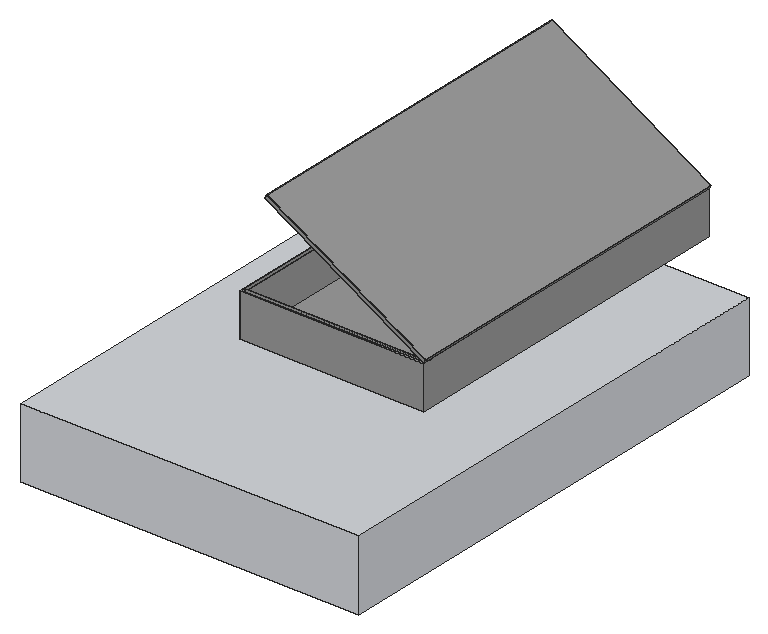
Revit family "Hager-Univers-IP44-D205-H1550-Cl.II-Encl-CH-fr", category Equipement électrique, Revit 2020
Family settings
  Hôte = Face
  Configuration du panneau = Deux colonnes, circuits au sein
  Cote de connecteur circulaire = Utiliser le diamètre
  Type d'élément = Tableau de raccordement
  Couper avec des vides une fois chargée = Non
  Partagée = Non
  Point de calcul de pièce = Non
Parameters (values of type "saillie IP44 L800 H1550 P205  - FP03SN2")
  Width Control [instance] = if([EF000008 - largeur] > Min Width, [EF000008 - largeur], Min Width)  # 800 mm
  Commentaires du type = [HG000003 - Gamme]  # "Univers"
  Thickness Door [instance] = if([EF009171 - épaisseur de matériau de la porte/du couvercle] > 3 mm, 3 mm, [EF009171 - épaisseur de matériau de la porte/du couvercle])  # 1 mm
  Seal Frame Offset [instance] = 17 mm  # constant formula
  Plinth Visibility [instance] = [HG000027 - Hauteur du socle] > 0 mm  # no
  Model = ""
  Min Width [instance] = 100 mm  # constant formula
  Min Height [instance] = 100 mm  # constant formula
  Min Depth [instance] = (2 * [EF009170 - épaisseur de matériau du boîtier]) + 1 mm  # 3 mm
  Internal Frame Depth [instance] = (Door System Depth * 0.5)  # 9 mm
  Height Control [instance] = if([EF000040 - hauteur] > Min Height, [EF000040 - hauteur], Min Height)  # 1550 mm
  HG000027 - Hauteur du socle = 0 mm
  HG000026 - Installation au sol = no
  HG000024 - Hauteur de la section basse = 800 mm
  HG000023 - Armoire double section = no
  HG000016 - Visibilité de la porte 3D [instance] = yes
  HG000015 - Visibilité de l'emprise de la porte [instance] = no
  HG000014 - Porte à droite [instance] = yes
  HG000013 - Porte à gauche [instance] = not([HG000014 - Porte à droite])  # no
  HG000012 - Angle de pivotement de la porte [instance] = 30.00°
  HG000010 - Portes asymétriques = no
  HG000009 - Porte à double battant = no
  HG000006 - Encastré = no
  HG000004 - Référence fabricant = "FP03SN2"
  HG000003 - Gamme = "Univers"
  HG000002 - avec porte = yes
  Frame Offset Bottom [instance] = 10 mm  # constant formula
  Frame Offset [instance] = 15 mm  # constant formula
  EF015940 - couvercle avec décharge de pression = no
  EF011959 - degré de protection (NEMA) = ""
  EF009554 - nombre d'ouvertures pour plaques à bride = 6
  Fabricant = "Hager"  # constant formula
  EF009212 - finition du couvercle = "EV000116 - fermé"
  EF009171 - épaisseur de matériau de la porte/du couvercle = 1 mm
  EF009170 - épaisseur de matériau du boîtier = 1 mm
  EF008873 - courant nominal (In) = 250 A
  EF007800 - adapté à un parafoudre = no
  EF006306 - avec serrure = no
  EF006244 - couvercle/porte transparent(e) = no
  EF005474 - indice de protection (IP) = "EV006418 - IP44"
  EF004464 - type de porte = "EV002646 - unique"
  EF004427 - nombre de modules = 360
  EF004293 - indice de protection contre les chocs (IK) = "EV006815 - IK09"
  EF003532 - convient pour utilisation à l’extérieur = no
  EF002950 - largeur en nombre de modules = 36
  EF001613 - maintien de fonction = "EV000494 - sans"
  EF001596 - matériau du boîtier/corps = "EV000179 - acier"
  EF001131 - profondeur intérieure = 143 mm
  EF001088 - possibilité de montage en saillie = yes
  EF000437 - nombre d'entrées de conduit = 6
  EF000339 - type de capot = "EV001012 - couvercle"
  EF000266 - nombre de rangées = 10
  EF000218 - profondeur d'encastrement = 205 mm
  EF000118 - avec cadre/support de montage = no
  EF000116 - numéro RAL = "9010"
  EF000049 - profondeur = 205 mm
  EF000040 - hauteur = 1550 mm
  EF000008 - largeur = 800 mm
  EF000007 - couleur = "EV000202 - blanc"
  EF000003 - mode de pose = "EV000384 - saillie"
  Door System Leaf Tolerance [instance] = 1.5 mm  # constant formula
  Door System Depth [instance] = 18 mm  # constant formula
  Door Height [instance] = Height Control - [HG000027 - Hauteur du socle]  # 1550 mm
  Depth Control [instance] = if([EF000049 - profondeur] > Min Depth, [EF000049 - profondeur], Min Depth)  # 205 mm
  Default Elevation = 0 mm
  Connector Offset [instance] = Height Control / 2  # 775 mm
  Bottom Top Plate Trim [instance] = 1.5 mm  # constant formula
  Plinth height Ctrl [instance] = if([HG000027 - Hauteur du socle] > 0 mm, [HG000027 - Hauteur du socle], 12 mm)  # 12 mm
Types (5, lengths in mm): name | Width Control | HG000009 - Porte à double battant | HG000004 - Référence fabricant | EF009554 - nombre d'ouvertures pour plaques à bride | EF008873 - courant nominal (In) | EF004464 - type de porte | EF004427 - nombre de modules | EF002950 - largeur en nombre de modules | EF001131 - profondeur intérieure | EF000437 - nombre d'entrées de conduit | EF000008 - largeur
  saillie IP44 L1050 H1550 P205  - FP04SN2 | 1050 | yes | "FP04SN2" | 8 | 400 A | "EV003602 - double" | 480 | 48 | 143 | 8 | 1050
  saillie IP44 L1300 H1550 P205  - FP05SN2 | 1300 | yes | "FP05SN2" | 10 | 400 A | "EV003602 - double" | 600 | 60 | 143 | 10 | 1300
  saillie IP44 L300 H1550 P205  - FP01SN2 | 300 | no | "FP01SN2" | 2 | 250 A | "EV002646 - unique" | 120 | 12 | 130 | 2 | 300
  saillie IP44 L550 H1550 P205  - FP02SN2 | 550 | no | "FP02SN2" | 4 | 250 A | "EV002646 - unique" | 240 | 24 | 143 | 4 | 550
  saillie IP44 L800 H1550 P205  - FP03SN2 | 800 | no | "FP03SN2" | 6 | 250 A | "EV002646 - unique" | 360 | 36 | 143 | 6 | 800
Reference planes
  plane 1 "Center (Front/Back)": y = 0
  plane 2: z = 0
  plane 3 "Center (Left/Right)": x = 0
  plane 4: z = 205
  plane 5: y = 1
  plane 6: y = 775
  plane 7: y = 0
  plane 8: y = 1550
  plane 9: z = 0
  plane 10: x = -385
  plane 11: x = 385
  plane 12: x = 384
  plane 13: x = -384
  plane 14: y = 1549
  plane 15: x = -383
  plane 16: x = -400
  plane 17: x = 383
  plane 18: x = 400
  plane 19: x = 399
  plane 20: x = -399
  plane 21: y = 11
  plane 22: y = 1550
  plane 23: y = 1534
  plane 24: z = 187
  plane 25: z = 1
  plane 26: z = 186
  plane 27: z = 204
Forms (mm)
  Extrusion 1, solid
    sketch origin (0, 0, 0) x (1, 0, 0) y (0, 1, 0)
      loop
        line (-702.964, 1305) -> (-702.964, -811.445) -> (766.763, -811.445) -> (766.763, 1305) -> (-702.964, 1305)
    from 0 to -304.8
  Extrusion 2, solid, material "Hager_Steel_RAL7035_Light_Grey", visible <- "Plinth Visibility", detail levels medium+fine
    sketch origin (0, 0, 0) x (1, 0, 0) y (0, 1, 0)
      loop
        line (-400, 0) -> (400, 0) -> (400, 12) -> (-400, 12) -> (-400, 0)
    from 0 to 187
  Extrusion 3, solid, material "Hager_Steel_RAL7035_Light_Grey", detail levels medium+fine
    sketch origin (0, 0, 0) x (1, 0, 0) y (0, 1, 0)
      loop
        line (-400, 0) -> (400, 0) -> (400, 1550) -> (-400, 1550) -> (-400, 0)
    from 0 to 187
  Extrusion 4, void
    sketch origin (0, 0, 0) x (1, 0, 0) y (0, 1, 0)
      loop
        line (-399, 1) -> (399, 1) -> (399, 1549) -> (-399, 1549) -> (-399, 1)
    from 1 to 186
  Extrusion 5, void
    sketch origin (-381.607, -4572, 187) x (0, -1, 0) y (-1, 0, 0)
      loop
        line (-4583, 2.393) -> (-6106, 2.393) -> (-6106, -765.607) -> (-4583, -765.607) -> (-4583, 2.393)
    from 0 to 1 <- "EF009170 - épaisseur de matériau du boîtier"
  Extrusion 6, solid, material "Hager_Steel_RAL7035_Light_Grey", detail levels fine
    sketch origin (0, 0, 187) x (1, 0, 0) y (0, 1, 0)
      loop
        line (-384, 1534) -> (-384, 11) -> (384, 11) -> (384, 1534) -> (-384, 1534)
      loop
        line (-385, 10) -> (385, 10) -> (385, 1535) -> (-385, 1535) -> (-385, 10)
    from 0 to 9 <- "Internal Frame Depth"
  Extrusion 7, solid, material "Hager_Steel_RAL7035_Light_Grey", detail levels coarse
    sketch origin (0, 0, 0) x (1, 0, 0) y (0, 1, 0)
      loop
        line (-400, 0) -> (400, 0) -> (400, 1550) -> (-400, 1550) -> (-400, 0)
    from 0 to 205
  Sweep 8, void
    path in 3D
      loop
        line (-400, 12, 0) -> (400, 12, 0) -> (400, 12, 187) -> (-400, 12, 187) -> (-400, 12, 0)
    profile origin (-400, 12, 93.5) x (-1, 0, 0) y (0, -1, 0)
      loop
        line (0, 0) -> (0, 1.5) -> (-1.5, 1.5)
        arc (-1.5, 1.5) -> (-1.061, 0.439) -> (0, 0) r 1.5
Cuts and joins
  Extrusion 4, Extrusion 5 cuts Extrusion 3
  Sweep 8 cuts Extrusion 2
Lines and regions (mm)
  Masking region 1
    outline origin (0, 0, 0) x (1, 0, 0) y (0, 0, 1)
      loop
        line (-400, 205) -> (-400, 0) -> (400, 0) -> (400, 205) -> (-400, 205)
  Masking region 2, detail levels medium+fine
    outline origin (0, 140, 0) x (0, 1, 0) y (0, 0, 1)
      loop
        line (-140, 0) -> (1410, 0) -> (1410, 187) -> (-140, 187) -> (-140, 0)
  Masking region 3, not visible, detail levels medium+fine
    outline origin (0, 297.922, 0) x (0, 1, 0) y (0, 0, 1)
      loop
        line (488.578, 0) -> (528.578, 0) -> (528.578, 194)
        arc (528.578, 194) -> (525.649, 201.071) -> (518.578, 204) r 10
        line (518.578, 204) -> (488.578, 204) -> (488.578, 0)
  Masking region 4, detail levels coarse
    outline origin (0, 0, 180) x (0, 1, 0) y (0, 0, 1)
      loop
        line (0, -180) -> (1550, -180) -> (1550, 25) -> (0, 25) -> (0, -180)
  Masking region 5, visible <- "Plinth Visibility", detail levels medium+fine
    outline origin (0, 52.24, 12.345) x (0, 0, -1) y (0, 1, 0)
      loop
        line (10.845, -40.24) -> (-173.155, -40.24)
        arc (-173.155, -40.24) -> (-173.594, -41.301) -> (-174.655, -41.74) r 1.5
        line (-174.655, -41.74) -> (-174.655, -52.24) -> (12.345, -52.24) -> (12.345, -41.74)
        arc (12.345, -41.74) -> (11.285, -41.301) -> (10.845, -40.24) r 1.5
  Masking region 6, detail levels medium+fine
    outline origin (-381.607, -4572, 187) x (-1, 0, 0) y (0, -1, 0)
      loop
        line (18.393, -6122) -> (18.393, -4572) -> (-781.607, -4572) -> (-781.607, -6122) -> (18.393, -6122)
  Masking region 7, visible <- "Plinth Visibility", detail levels medium+fine
    outline origin (-381.607, -4727, 187) x (-1, 0, 0) y (0, -1, 0)
      loop
        arc (16.893, -4739) -> (17.332, -4737.939) -> (18.393, -4737.5) r 1.5
        line (18.393, -4737.5) -> (18.393, -4727) -> (-781.607, -4727) -> (-781.607, -4737.5)
        arc (-781.607, -4737.5) -> (-780.546, -4737.939) -> (-780.107, -4739) r 1.5
        line (-780.107, -4739) -> (16.893, -4739)
  Masking region 8, detail levels coarse
    outline origin (-442.548, -4669.526, 187) x (-1, 0, 0) y (0, -1, 0)
      loop
        line (-42.548, -6219.526) -> (-42.548, -4669.526) -> (-842.548, -4669.526) -> (-842.548, -6219.526) -> (-42.548, -6219.526)
  sketch lines
    curve 1: line (-400, 12, 187) -> (-400, 12, 0)
    curve 2: line (400, 12, 187) -> (-400, 12, 187)
    curve 3: line (400, 12, 187) -> (400, 12, 0)
    curve 4: line (-400, 12, 0) -> (400, 12, 0)
Dimensions and locks
  "Depth Control": plane 4 to Extrusion 1
  "HG000027 - Hauteur du socle": plane 1 "Center (Front/Back)" to plane 7
  "EF009170 - épaisseur de matériau du boîtier": plane 5 to plane 7
  locked: connector elem to plane 3 "Center (Left/Right)"
  equal spacing: plane 8, plane 6, plane 7
  locked: connector elem to plane 6
  "EF009170 - épaisseur de matériau du boîtier": plane 8 to plane 14
  "EF009170 - épaisseur de matériau du boîtier": plane 10 to plane 13
  "EF009170 - épaisseur de matériau du boîtier": plane 12 to plane 11
  "Frame Offset": plane 20 to plane 13
  "Frame Offset": plane 12 to plane 19
  "EF009170 - épaisseur de matériau du boîtier": plane 16 to plane 20
  "EF009170 - épaisseur de matériau du boîtier": plane 19 to plane 18
  "Seal Frame Offset": plane 16 to plane 15
  "Seal Frame Offset": plane 17 to plane 18
  "Frame Offset Bottom": plane 21 to plane 5
  "Frame Offset": plane 14 to plane 23
  equal spacing: plane 16, plane 3 "Center (Left/Right)", plane 18
  "Width Control": plane 16 to plane 18
  "EF009170 - épaisseur de matériau du boîtier": plane 4 to plane 27
  "EF009170 - épaisseur de matériau du boîtier": plane 24 to plane 26
  "EF009170 - épaisseur de matériau du boîtier": plane 25 to level
  "Door System Depth": plane 4 to plane 24
  "Height Control": plane 1 "Center (Front/Back)" to Extrusion 7 sketch curve
  "Height Control": Masking region 4 sketch curve to plane 1 "Center (Front/Back)"
  "Height Control": plane 1 "Center (Front/Back)" to plane 22
  "Bottom Top Plate Trim": profile plane to Sweep 8 sketch curve
  "Bottom Top Plate Trim": Sweep 8 sketch curve to profile plane
  "Plinth height Ctrl": plane 1 "Center (Front/Back)" to Extrusion 2 sketch curve
  "Plinth height Ctrl": Masking region 5 sketch curve to plane 1 "Center (Front/Back)"
  "Plinth height Ctrl": plane 1 "Center (Front/Back)" to Masking region 7 sketch curve
  "Thickness Door": Extrusion 6 sketch curve to Extrusion 6 sketch curve  (x3)
  "Thickness Door": cut or joined group of Extrusion 3, Extrusion 4, Extrusion 5 to Extrusion 6 sketch curve
  radius of Masking region 3 sketch curve = 10 mm
  "Bottom Top Plate Trim": radius of Masking region 5 sketch curve  (x2)
  "Bottom Top Plate Trim": radius of Sweep 8 sketch curve
  "Bottom Top Plate Trim": radius of Masking region 7 sketch curve  (x2)
  aligned and locked: plane 2 to Extrusion 1
  aligned and locked: level to Extrusion 1
  aligned and locked: level to Masking region 1 sketch curve
  aligned and locked: Masking region 1 sketch curve to plane 18
  aligned and locked: Masking region 1 sketch curve to plane 16
  aligned and locked: plane 7 to Masking region 2 sketch curve
  aligned and locked: level to Masking region 3 sketch curve
  aligned and locked: Masking region 3 sketch curve to plane 27
  aligned and locked: level to Masking region 2 sketch curve
  aligned and locked: plane 1 "Center (Front/Back)" to Extrusion 2 sketch curve
  aligned and locked: Extrusion 3 sketch curve to plane 7
  aligned and locked: plane 16 to Extrusion 3 sketch curve
  aligned and locked: plane 18 to Extrusion 3 sketch curve
  aligned and locked: plane 20 to Extrusion 4 sketch curve
  aligned and locked: plane 19 to Extrusion 4 sketch curve
  aligned and locked: Extrusion 4 sketch curve to plane 5
  aligned and locked: Extrusion 4 to plane 25
  aligned and locked: plane 26 to Extrusion 4
  aligned and locked: plane 24 to Extrusion 3
  aligned and locked: Extrusion 5 sketch curve to plane 21
  aligned and locked: Extrusion 5 sketch curve to plane 13
  aligned and locked: Extrusion 5 sketch curve to plane 12
  aligned and locked: plane 18 to Extrusion 7 sketch curve
  aligned and locked: plane 1 "Center (Front/Back)" to Extrusion 7 sketch curve
  aligned and locked: plane 16 to Extrusion 7 sketch curve
  aligned and locked: plane 4 to Extrusion 7
  aligned and locked: Extrusion 7 to level
  aligned and locked: level to Masking region 4 sketch curve
  aligned and locked: Masking region 4 sketch curve to plane 1 "Center (Front/Back)"
  aligned and locked: Masking region 4 sketch curve to plane 4
  aligned and locked: nested 1 to level
  aligned and locked: nested 1 to plane 16
  aligned and locked: plane 8 to Extrusion 3 sketch curve
  aligned and locked: plane 23 to Extrusion 5 sketch curve
  aligned and locked: plane 14 to Extrusion 4 sketch curve
  aligned and locked: Masking region 2 sketch curve to plane 8
  aligned and locked: level to Masking region 5 sketch curve
  aligned and locked: plane 16 to Extrusion 2 sketch curve
  aligned and locked: plane 18 to Extrusion 2 sketch curve
  aligned and locked: Masking region 5 sketch curve to plane 24
  aligned and locked: Masking region 2 sketch curve to plane 24
  aligned and locked: plane 24 to Extrusion 2
  aligned and locked: profile plane to Sweep 8 sketch curve  (x2)
  aligned and locked: Masking region 6 sketch curve to plane 18
  aligned and locked: Masking region 6 sketch curve to plane 22
  aligned and locked: Masking region 6 sketch curve to plane 16
  aligned and locked: plane 8 to plane 22
  aligned and locked: Masking region 6 sketch curve to plane 7
  aligned and locked: Masking region 7 sketch curve to plane 16
  aligned and locked: Masking region 7 sketch curve to plane 1 "Center (Front/Back)"
  aligned and locked: Masking region 7 sketch curve to plane 18
  aligned and locked: Masking region 8 sketch curve to plane 1 "Center (Front/Back)"
  aligned and locked: Masking region 8 sketch curve to plane 18
  aligned and locked: Masking region 8 sketch curve to plane 22
  aligned and locked: Masking region 8 sketch curve to plane 16
  aligned and locked: nested 2 to plane 7
  aligned and locked: plane 3 "Center (Left/Right)" to nested 2
  aligned and locked: nested 2 to plane 24
  aligned and locked: Extrusion 6 sketch curve to cut or joined group of Extrusion 3, Extrusion 4, Extrusion 5  (x4)
Automatic sketch dimensions
  Extrusion 1 sketch curve to Extrusion 1 sketch curve = 1469.727 mm
  Extrusion 1 sketch curve to Extrusion 1 sketch curve = 2116.445 mm
  Masking region 1 sketch curve to plane 4 = 0 mm
  plane 6 to Masking region 3 sketch curve = 11.5 mm
  Masking region 3 sketch curve to Masking region 3 sketch curve = 30 mm
  Masking region 5 sketch curve to plane 1 "Center (Front/Back)" = 0 mm
Nested families
  nested 1: "Hager_Enclosure_Symbol" at (-400, 0, 0) x (1, 0, 0) z (0, -1, 0), Height <- "Depth Control", Width <- "Width Control", type "Hager_Enclosure_Symbol"
    with Width_Ctrl 800 mm, Width 800 mm, Height_Ctrl 205 mm, Height 205 mm, A_Width_Int 13.453 mm, A_Width 161.438 mm, A_Height_Ctrl 179.375 mm, A_Height 179.375 mm
  nested 2: "EC000058_Univers_Door" at (0, 0, 187) x (1, 0, 0) z (0, 1, 0), Leaf_Tolerance <- "Door System Leaf Tolerance", Angle <- "HG000012 - Angle de pivotement de la porte", Door_Depth <- "Door System Depth", Door_Left <- "HG000013 - Porte à gauche", Transparent <- "EF006244 - couvercle/porte transparent(e)", Assymetrical <- "HG000010 - Portes asymétriques", Width <- "Width Control", Clearance <- "HG000015 - Visibilité de l'emprise de la porte", Double <- "HG000009 - Porte à double battant", 3d_Door <- "HG000016 - Visibilité de la porte 3D", Lock_Visibility <- "EF006306 - avec serrure", Width_Ctrl <- "Width Control", Door_Right <- "HG000014 - Porte à droite", Door <- "HG000002 - avec porte", Height <- "Door Height", Thickness <- "Thickness Door", type "EC000058_Univers_Door", detail levels medium+fine
    with min_wh 3 mm, Width_Ctrl 800 mm, Width 800 mm, Transparent no, Thickness 1 mm, Seal_Material Hager_Rubber, Lock_Visibility no, Lock_Material Hager_Plastic_RAL9005_Jet_Black, Leaf_Width 800 mm, Leaf_Tolerance_External_Sides 0 mm, Leaf_Tolerance 1.5 mm, Leaf_Offset 0 mm, Leaf_Height 1547 mm, Leaf_2_Width 800 mm, Leaf_2_Offset 400 mm, Leaf_1_Width 800 mm, Leaf_1_Offset 400 mm, Height_Ctrl 1550 mm, Height 1550 mm, Glass_Material Hager_Glass, Double_Clearance_Ctrl no, Double no, Door_Right_Ctrl yes, Door_Right yes, Door_Material Hager_Steel_RAL7035_Light_Grey, Door_Left_Ctrl no, Door_Left no, Door_Depth 18 mm, Door yes, Clearance_Material Hager_Clearance, Clearance_Depth 800 mm, Clearance_Ctrl no, Clearance no, Assymetrical no, Angle 30.00°, 3d_Door yes
Connectors
  electrical at (0, 775, 0)
    settings: on plane 9, index 1, voltage 0 V, apparent load 0 VA, apparent load phase1 0 VA, apparent load phase2 0 VA, apparent load phase3 0 VA, power factor 1, load classification "Other", number of poles 1, system type 30, power factor state 1, is connector primary yes, connector utility no, sub classification motor no, connector description ""
Definition of nested family "EC000058_Univers_Door"
  Parameters (values of type "EC000058_Univers_Door")
    min_wh [instance] = (2 * Thickness) + 1 mm  # 11 mm
    Width_Ctrl [instance] = 400 mm
    Width [instance] = 500 mm
    Transparent [instance] = yes
    Thickness [instance] = 5 mm
    Seal_Material [instance] = none
    Lock_Visibility [instance] = yes
    Lock_Material [instance] = none
    Leaf_Width [instance] = if((Width_Ctrl - 2 * Leaf_Tolerance_External_Sides) > 0 mm, (Width_Ctrl - 2 * Leaf_Tolerance_External_Sides), min_wh)  # 400 mm
    Leaf_Tolerance_External_Sides [instance] = 0 mm  # constant formula
    Leaf_Tolerance [instance] = 1.5 mm
    Leaf_Offset [instance] = 0 mm  # constant formula
    Leaf_Height [instance] = if((Height_Ctrl - 2 * Leaf_Tolerance) > 0 mm, (Height_Ctrl - 2 * Leaf_Tolerance), min_wh)  # 497 mm
    Leaf_2_Width [instance] = if(and(and(Double, Assymetrical), Door_Left), (Leaf_Width / 3) - (Leaf_Tolerance / 2), if(and(and(Double, Assymetrical), Door_Right), (Leaf_Width / 3) * 2 - (Leaf_Tolerance / 2), if(and(Double, not(Assymetrical)), (Leaf_Width / 2) - Leaf_Tolerance, Leaf_Width)))  # 400 mm
    Leaf_2_Offset [instance] = if(and(Double, Assymetrical), Leaf_2_Width / 2, if(and(Double, not(Assymetrical)), Leaf_Width / 4, Leaf_Width / 2))  # 200 mm
    Leaf_1_Width [instance] = if(and(and(Double, Assymetrical), Door_Right), (Leaf_Width / 3) - (Leaf_Tolerance / 2), if(and(and(Double, Assymetrical), Door_Left), (Width / 3) * 2 - (Leaf_Tolerance / 2), if(and(Double, not(Assymetrical)), (Leaf_Width / 2) - Leaf_Tolerance, Leaf_Width)))  # 400 mm
    Leaf_1_Offset [instance] = if(and(Double, Assymetrical), Leaf_1_Width / 2, if(and(Double, not(Assymetrical)), Leaf_Width / 4, Leaf_Width / 2))  # 200 mm
    Height_Ctrl [instance] = if(Height > min_wh, Height, min_wh)  # 500 mm
    Height [instance] = 500 mm
    Glass_Material [instance] = none
    Double_Clearance_Ctrl [instance] = and(Double, Clearance)  # no
    Double [instance] = no
    Door_Right_Ctrl [instance] = and(or(Door_Right, Double), Door)  # yes
    Door_Right [instance] = yes
    Door_Material [instance] = none
    Door_Left_Ctrl [instance] = and(or(Door_Left, Double), Door)  # no
    Door_Left [instance] = no
    Door_Depth [instance] = 30 mm
    Door [instance] = yes
    Default Elevation = 1219.2 mm
    Clearance_Material [instance] = none
    Clearance_Depth [instance] = if(Leaf_1_Width > Leaf_2_Width, Leaf_1_Width, Leaf_2_Width)  # 400 mm
    Clearance_Ctrl [instance] = and(not(Double), Clearance)  # yes
    Clearance [instance] = yes
    Assymetrical [instance] = yes
    Angle [instance] = 30.00°
    3d_Door [instance] = yes
  Reference planes
    plane 1 "Center (Front/Back)": y = 0
    plane 2 "Bottom": z = 0
    plane 3 "Center (Left/Right)": x = 0
    plane 4: z = 500
    plane 5: x = -200
    plane 6: x = 200
    plane 7: z = 500
    plane 8: x = -200
    plane 9: z = 0
    plane 10: x = 200
    plane 11: y = 0
    plane 12: z = 1.5
    plane 13: x = -600
    plane 14: y = -400
    plane 15: x = 600
    plane 16: x = 0
    plane 17: x = 0
    plane 18: x = -200
    plane 19: x = 200
    plane 20: z = 498.5
  Forms (mm)
    Extrusion 1, solid, material <- "Clearance_Material", visible <- "Double_Clearance_Ctrl"
      sketch origin (1200, 0, 0) x (1, 0, 0) y (0, 0, -1)
        loop
          line (-1800, -498.5) -> (-600, -498.5) -> (-600, 0) -> (-1800, 0) -> (-1800, -498.5)
      from 0 to -400
  Dimensions and locks
    equal spacing: plane 5, plane 3 "Center (Left/Right)", plane 6
    "Width_Ctrl": plane 5 to plane 6
    "Leaf_Offset": plane 5 to plane 8
    "Leaf_Offset": plane 6 to plane 10
    "Leaf_Offset": plane 9 to level
    "Leaf_Offset": plane 4 to plane 7
    "Height_Ctrl": plane 4 to level
    "Leaf_Tolerance": plane 12 to plane 9
    locked: plane 11 to plane 1 "Center (Front/Back)"
    "Leaf_1_Offset": plane 18 to plane 16
    "Leaf_2_Offset": plane 17 to plane 19
    "Leaf_1_Width": plane 13 to plane 8
    "Leaf_2_Width": plane 10 to plane 15
    "Clearance_Depth": plane 14 to plane 1 "Center (Front/Back)"
    "Leaf_Tolerance_External_Sides": plane 8 to plane 18
    "Leaf_Tolerance_External_Sides": plane 19 to plane 10
    "Leaf_Tolerance": plane 7 to plane 20
    aligned and locked: level to plane 2 "Bottom"
    aligned and locked: nested 1 to plane 16
    aligned and locked: nested 2 to plane 17
    aligned and locked: Extrusion 1 to plane 13
    aligned and locked: plane 15 to Extrusion 1
    aligned and locked: Extrusion 1 to plane 14
    aligned and locked: plane 12 to nested 1
    aligned and locked: nested 2 to plane 12
    aligned and locked: Extrusion 1 to plane 11
    aligned and locked: plane 20 to Extrusion 1
    aligned and locked: nested 2 to plane 11
    aligned and locked: nested 1 to plane 11
  Automatic sketch dimensions
    Extrusion 1 sketch curve to level = 0 mm
    plane 5 to Extrusion 1 sketch curve = 400 mm
    plane 6 to Extrusion 1 sketch curve = 400 mm
    Extrusion 1 sketch curve to plane 4 = 1.5 mm
  Nested families
    nested 1: "EC000058_Univers_Door_Leaf" at (0, 0, 1.5), Width <- "Leaf_1_Width", visible <- "Door_Left_Ctrl", Leaf_Height <- "Leaf_Height", Angle <- "Angle", 3d_Door <- "3d_Door", Transparent <- "Transparent", Clearance Material <- "Clearance_Material", Clearance <- "Clearance_Ctrl", Door_Material <- "Door_Material", Glass_Material <- "Glass_Material", Door_Depth <- "Door_Depth", Lock_Material <- "Lock_Material", Seal_Material <- "Seal_Material", Lock_Visibility <- "Lock_Visibility", Thickness <- "Thickness", type "EC000058_Univers_Door_Leaf"
      with Width 400 mm, Transparent_Glass_Offset 30 mm, Transparent_Ctrl yes, Transparent yes, Thickness 5 mm, Standard no, Seal_Material none, Seal_D2 8 mm, Seal_D1 1 mm, Offset_Internal_Frame 10 mm, Lock_Width 20 mm, Lock_Visibility_3d yes, Lock_Visibility yes, Lock_Thickness_3 3 mm, Lock_Thickness_2 1 mm, Lock_Thickness_1 3 mm, Lock_Radius_Offset_2 16 mm, Lock_Radius_Offset_1 15 mm, Lock_Radius_2 5 mm, Lock_Radius 6 mm, Lock_Offset 5 mm, Lock_Material none, Lock_Height 80 mm, Lock_Cover_Top_Offset_2d 17 mm, Lock_Cover_Height -65 mm, Leaf_Height 497 mm, Internal_Seal_Thickness 8 mm, Internal_Seal_Depth_2 4.5 mm, Internal_Frame_Depth 25 mm, Glass_Thickness -1 mm, Glass_Offset -2 mm, Glass_Material none, Door_Material none, Door_Depth 30 mm, Clearance Material none, Clearance yes, Angle_Ctrl 30.00°, Angle 30.00°, 3d_Door yes
    nested 2: "EC000058_Univers_Door_Leaf" at (0, 0, 1.5) x (-1, 0, 0) z (0, 0, 1), Width <- "Leaf_2_Width", visible <- "Door_Right_Ctrl", Leaf_Height <- "Leaf_Height", Angle <- "Angle", 3d_Door <- "3d_Door", Transparent <- "Transparent", Clearance Material <- "Clearance_Material", Clearance <- "Clearance_Ctrl", Door_Material <- "Door_Material", Glass_Material <- "Glass_Material", Door_Depth <- "Door_Depth", Lock_Material <- "Lock_Material", Seal_Material <- "Seal_Material", Lock_Visibility <- "Lock_Visibility", Thickness <- "Thickness", type "EC000058_Univers_Door_Leaf"
      with Width 400 mm, Transparent_Glass_Offset 30 mm, Transparent_Ctrl yes, Transparent yes, Thickness 5 mm, Standard no, Seal_Material none, Seal_D2 8 mm, Seal_D1 1 mm, Offset_Internal_Frame 10 mm, Lock_Width 20 mm, Lock_Visibility_3d yes, Lock_Visibility yes, Lock_Thickness_3 3 mm, Lock_Thickness_2 1 mm, Lock_Thickness_1 3 mm, Lock_Radius_Offset_2 16 mm, Lock_Radius_Offset_1 15 mm, Lock_Radius_2 5 mm, Lock_Radius 6 mm, Lock_Offset 5 mm, Lock_Material none, Lock_Height 80 mm, Lock_Cover_Top_Offset_2d 17 mm, Lock_Cover_Height -65 mm, Leaf_Height 497 mm, Internal_Seal_Thickness 8 mm, Internal_Seal_Depth_2 4.5 mm, Internal_Frame_Depth 25 mm, Glass_Thickness -1 mm, Glass_Offset -2 mm, Glass_Material none, Door_Material none, Door_Depth 30 mm, Clearance Material none, Clearance yes, Angle_Ctrl 30.00°, Angle 30.00°, 3d_Door yes
  Definition of nested family "EC000058_Univers_Door_Leaf"
    Parameters (values of type "EC000058_Univers_Door_Leaf")
      Width [instance] = 2000 mm
      Transparent_Glass_Offset [instance] = 30 mm
      Transparent_Ctrl [instance] = and(Transparent, [3d_Door])  # yes
      Transparent [instance] = yes
      Thickness [instance] = 5 mm
      Standard [instance] = and(not(Transparent), [3d_Door])  # no
      Seal_Material [instance] = none
      Seal_D2 [instance] = 8 mm  # constant formula
      Seal_D1 [instance] = 1 mm  # constant formula
      Offset_Internal_Frame [instance] = 10 mm  # constant formula
      Lock_Width [instance] = 20 mm  # constant formula
      Lock_Visibility_3d [instance] = and(Lock_Visibility, [3d_Door])  # yes
      Lock_Visibility [instance] = yes
      Lock_Thickness_3 [instance] = 3 mm  # constant formula
      Lock_Thickness_2 [instance] = 1 mm  # constant formula
      Lock_Thickness_1 [instance] = 3 mm  # constant formula
      Lock_Radius_Offset_2 [instance] = Lock_Radius_Offset_1 + 1 mm  # 16 mm
      Lock_Radius_Offset_1 [instance] = 15 mm  # constant formula
      Lock_Radius_2 [instance] = Lock_Radius - 1 mm  # 5 mm
      Lock_Radius [instance] = 6 mm  # constant formula
      Lock_Offset [instance] = 5 mm  # constant formula
      Lock_Material [instance] = none
      Lock_Height [instance] = 80 mm  # constant formula
      Lock_Cover_Top_Offset_2d [instance] = Lock_Radius_Offset_2 + 1 mm  # 17 mm
      Lock_Cover_Height [instance] = -(Lock_Height - Lock_Radius_Offset_1)  # -65 mm
      Leaf_Height [instance] = 2720.336 mm
      Internal_Seal_Thickness [instance] = 8 mm  # constant formula
      Internal_Seal_Depth_2 [instance] = 4.5 mm  # constant formula
      Internal_Frame_Depth [instance] = if(Door_Depth - Thickness > 5 mm, Door_Depth - Thickness, 5 mm)  # 25 mm
      Glass_Thickness [instance] = if(Thickness > 15 mm, Glass_Offset + 10 mm, -1 mm)  # -1 mm
      Glass_Offset [instance] = if(Thickness > 15 mm, -(Thickness + 10 mm) / 2, -2 mm)  # -2 mm
      Glass_Material [instance] = none
      Door_Material [instance] = none
      Door_Depth [instance] = 30 mm
      Default Elevation = 0 mm
      Clearance Material [instance] = none
      Clearance [instance] = yes
      Angle_Ctrl [instance] = if(Angle > 180.00°, 180.00°, Angle)  # 90.00°
      Angle [instance] = 90.00°
      3d_Door [instance] = yes
    Reference planes
      plane 1 "Center (Front/Back)": y = 0
      plane 2: z = 0
      plane 3 "Center (Left/Right)": x = 0
      plane 4: y = 2000
      plane 5: x = -1000
      plane 6: x = 1000
      plane 7: x = -3000
      plane 8: z = 2720.336
      plane 9: z = 30
      plane 10: z = 2690.336
      plane 11: x = 970
      plane 12: x = -970
      plane 13: y = -3
      plane 14: z = 107.833
      plane 15: y = -5
      plane 16: y = -223.314
      plane 17: x = -1000
      plane 18: z = 1360.168
      plane 19: y = 30
    Forms (mm)
      Extrusion 1, solid, material <- "Clearance Material", visible <- "Clearance"
        sketch origin (0, 0, 0) x (1, 0, 0) y (0, 0, 1)
          loop
            line (-3000, 2720.336) -> (-3000, 0) -> (1000, 0) -> (1000, 2720.336) -> (-3000, 2720.336)
        from 0 to -2000
      Extrusion 2, solid, material <- "Door_Material", visible <- "Standard", detail levels medium+fine
        sketch origin (-1000, 0, 0) x (0, 1, 0) y (-1, 0, 0)
          loop
            line (0, 30) -> (0, 25) -> (2000, 25) -> (2000, 30) -> (0, 30)
        from 0 to 2720.336 <- "Leaf_Height"
      Extrusion 3, solid, material <- "Door_Material", visible <- "Transparent_Ctrl", detail levels medium+fine
        sketch origin (-1000, 0, 0) x (0, 1, 0) y (-1, 0, 0)
          loop
            line (0, 25) -> (2000, 25) -> (2000, 30) -> (0, 30) -> (0, 25)
        from 0 to 2720.336 <- "Leaf_Height"
      Extrusion 4, void
        sketch origin (-1025, 2000, 0) x (0, 1, 0) y (0, 0, -1)
          loop
            line (-30, -2690.336) -> (-30, -30) -> (-1970, -30) -> (-1970, -2690.336) -> (-30, -2690.336)
        from 0 to 5 <- "Thickness"
      Sweep 5, solid, material <- "Seal_Material", visible <- "Transparent_Ctrl", detail levels fine
        path in 3D
          loop
            line (-1025, 30, 30) -> (-1025, 30, 2690.336) -> (-1025, 1970, 2690.336) -> (-1025, 1970, 30) -> (-1025, 30, 30)
        profile origin (-1025, 1000, 30) x (1, 0, 0) y (0, 0, 1)
          loop
            line (0, 0) -> (0, -8) -> (1, -8) -> (1, 0) -> (0, 0)
      Extrusion 6, solid, material <- "Glass_Material", visible <- "Transparent_Ctrl", detail levels medium+fine
        sketch origin (-1030, 0, 0) x (0, 1, 0) y (0, 0, -1)
          loop
            line (1970, -2690.336) -> (1970, -30) -> (30, -30) -> (30, -2690.336) -> (1970, -2690.336)
        from -2 <- "Glass_Offset" to -1 <- "Glass_Thickness"
      Extrusion 7, solid, material <- "Door_Material", visible <- "3d_Door", detail levels medium+fine
        sketch origin (-1025, 2000, 0) x (0, -1, 0) y (0, 0, -1)
          loop
            line (0, -2720.336) -> (2000, -2720.336) -> (2000, 0) -> (0, 0) -> (0, -2720.336)
          loop
            line (1995, -5) -> (5, -5) -> (5, -2715.336) -> (1995, -2715.336) -> (1995, -5)
        from 0 to 25 <- "Internal_Frame_Depth"
      Sweep 8, solid, material <- "Seal_Material", visible <- "Transparent_Ctrl", detail levels fine
        path in 3D
          loop
            line (-1025, 0, 0) -> (-1025, 2000, 0) -> (-1025, 2000, 2720.336) -> (-1025, 0, 2720.336) -> (-1025, 0, 0)
        profile origin (-1025, 0, 1360.168) x (1, 0, 0) y (0, 1, 0)
          loop
            line (0, 10) -> (2.975, 10)
            arc (2.975, 10) -> (4.053, 10.447) -> (4.5, 11.525) r 1.525
            line (4.5, 11.525) -> (4.5, 16.527)
            arc (4.5, 16.527) -> (4.069, 17.569) -> (3.027, 18) r 1.473
            line (3.027, 18) -> (0, 18) -> (0, 10)
      Extrusion 9, solid, material <- "Lock_Material", visible <- "Lock_Visibility_3d", detail levels fine
        sketch origin (-1030, 0, 0) x (0, 1, 0) y (0, 0, -1)
          loop
            arc (1993.5, -1400.168) -> (1994.561, -1399.729) -> (1995, -1398.668) r 1.5
            line (1995, -1398.668) -> (1995, -1320.168) -> (1975, -1320.168) -> (1975, -1398.668)
            arc (1975, -1398.668) -> (1975.439, -1399.729) -> (1976.5, -1400.168) r 1.5
            line (1976.5, -1400.168) -> (1993.5, -1400.168)
        from 3 <- "Lock_Thickness_1" to 0
      Blend 10, solid, material <- "Lock_Material", visible <- "Lock_Visibility_3d", detail levels fine
        base sketch origin (-1033, 0, 0) x (0, 1, 0) y (0, 0, -1)
          loop
            line (1975, -1320.168) -> (1975, -1398.668)
            arc (1975, -1398.668) -> (1975.439, -1399.729) -> (1976.5, -1400.168) r 1.5
            line (1976.5, -1400.168) -> (1993.5, -1400.168)
            arc (1993.5, -1400.168) -> (1994.561, -1399.729) -> (1995, -1398.668) r 1.5
            line (1995, -1398.668) -> (1995, -1320.168) -> (1975, -1320.168)
        top sketch origin (-1033, 0, 0) x (0, 1, 0) y (0, 0, -1)
          loop
            line (1976, -1320.168) -> (1976, -1398.668)
            arc (1976, -1398.668) -> (1976.146, -1399.022) -> (1976.5, -1399.168) r 0.5
            line (1976.5, -1399.168) -> (1993.5, -1399.168)
            arc (1993.5, -1399.168) -> (1993.854, -1399.022) -> (1994, -1398.668) r 0.5
            line (1994, -1398.668) -> (1994, -1320.168) -> (1976, -1320.168)
        from 0 to 1 <- "Lock_Thickness_2"
      Blend 11, solid, material <- "Lock_Material", visible <- "Lock_Visibility_3d", detail levels fine
        base sketch origin (-1034, 0, 0) x (0, 1, 0) y (0, 0, -1)
          loop
            line (1978, -1320.168) -> (1978, -1384.168)
            arc (1978, -1384.168) -> (1985, -1391.168) -> (1992, -1384.168) r 7
            line (1992, -1384.168) -> (1992, -1320.168) -> (1978, -1320.168)
        top sketch origin (-1034, 0, 0) x (0, 1, 0) y (0, 0, -1)
          loop
            line (1991, -1320.168) -> (1979, -1320.168) -> (1979, -1383.168)
            arc (1979, -1383.168) -> (1985, -1389.168) -> (1991, -1383.168) r 6
            line (1991, -1383.168) -> (1991, -1320.168)
        from 0 to 3 <- "Lock_Thickness_3"
      Extrusion 12, solid, material <- "Lock_Material", visible <- "Lock_Visibility_3d", detail levels fine
        sketch origin (-1030, 1975, 1320.168) x (1, 0, 0) y (0, -1, 0)
          loop
            line (-7, -19) -> (-7, -1) -> (0, -1) -> (0, 0) -> (-8, 0) -> (-8, -20) -> (0, -20) -> (0, -19) -> (-7, -19)
        from 0 to -65 <- "Lock_Cover_Height"
      Extrusion 13, void
        sketch origin (-1038, 1995, 1320.168) x (-1, 0, 0) y (0, 0, -1)
          loop
            line (-5, -65) -> (0, -65) -> (-5, -60) -> (-5, -65)
        from 0 to 20 <- "Lock_Width"
      Extrusion 14, void
        sketch origin (-1038, 1975, 1320.168) x (0, -1, 0) y (0, 0, -1)
          loop
            circle (-10, -15.995) r 6
          loop
            circle (-10, -15.995) r 5
        from 0 to 2
      Extrusion 15, solid, material <- "Lock_Material", visible <- "Lock_Visibility_3d", detail levels medium
        sketch origin (-1030, 0, 0) x (0, 1, 0) y (0, 0, -1)
          loop
            arc (1993.5, -1400.168) -> (1994.561, -1399.729) -> (1995, -1398.668) r 1.5
            line (1995, -1398.668) -> (1995, -1320.168) -> (1975, -1320.168) -> (1975, -1398.668)
            arc (1975, -1398.668) -> (1975.439, -1399.729) -> (1976.5, -1400.168) r 1.5
            line (1976.5, -1400.168) -> (1993.5, -1400.168)
        from 8 to 0
    Cuts and joins
      Extrusion 4 cuts Extrusion 3
      Extrusion 13, Extrusion 14 cuts Extrusion 9
      Extrusion 14 cuts Blend 11
      Extrusion 13, Extrusion 14 cuts Extrusion 12
      joined: Extrusion 9, Blend 10, Blend 11, Extrusion 12
      Extrusion 14 cuts Extrusion 15
    Lines and regions (mm)
      Masking region 1, visible <- "Lock_Visibility", detail levels fine
        outline origin (0, 0, 0) x (0, 1, 0) y (0, 0, 1)
          loop
            line (30, 1320.168) -> (33, 1320.168) -> (33, 1400.168) -> (30, 1400.168) -> (30, 1320.168)
      Masking region 2, visible <- "Lock_Visibility", detail levels fine
        outline origin (0, 3.143, 0) x (0, 1, 0) y (0, 0, 1)
          loop
            line (29.857, 1354.168) -> (30.857, 1354.168) -> (30.857, 1366.168) -> (29.857, 1366.168) -> (29.857, 1354.168)
      Masking region 3, detail levels medium+fine
        outline origin (0, 0, 0) x (0, 1, 0) y (0, 0, 1)
          loop
            line (0, 0) -> (30, 0) -> (30, 2720.336) -> (0, 2720.336) -> (0, 0)
      Masking region 4, detail levels medium+fine
        outline origin (0, 0, 0) x (1, 0, 0) y (0, 0, 1)
          loop
            line (-1000, 2720.336) -> (-1000, 0) -> (1000, 0) -> (1000, 2720.336) -> (-1000, 2720.336)
      Masking region 5, visible <- "Lock_Visibility", detail levels fine
        outline origin (-47.116, 0, 0) x (1, 0, 0) y (0, 0, 1)
          loop
            arc (1024.616, 1399.168) -> (1023.556, 1398.729) -> (1023.116, 1397.668) r 1.5
            line (1023.116, 1397.668) -> (1023.116, 1320.168) -> (1041.116, 1320.168) -> (1041.116, 1397.668)
            arc (1041.116, 1397.668) -> (1040.677, 1398.729) -> (1039.616, 1399.168) r 1.5
            line (1039.616, 1399.168) -> (1024.616, 1399.168)
      Masking region 6, visible <- "Lock_Visibility", detail levels medium+fine
        outline origin (-25, 0, 0) x (1, 0, 0) y (0, 0, 1)
          loop
            arc (1001.5, 1400.168) -> (1000.439, 1399.729) -> (1000, 1398.668) r 1.5
            line (1000, 1398.668) -> (1000, 1320.168) -> (1020, 1320.168) -> (1020, 1398.668)
            arc (1020, 1398.668) -> (1019.561, 1399.729) -> (1018.5, 1400.168) r 1.5
            line (1018.5, 1400.168) -> (1001.5, 1400.168)
      Masking region 7, visible <- "Lock_Visibility", detail levels fine
        outline origin (-73.735, 0, 0) x (1, 0, 0) y (0, 0, 1)
          loop
            line (1051.735, 1382.168) -> (1065.735, 1382.168) -> (1065.735, 1384.168)
            arc (1065.735, 1384.168) -> (1058.735, 1391.168) -> (1051.735, 1384.168) r 7
            line (1051.735, 1384.168) -> (1051.735, 1382.168)
      Masking region 8, visible <- "Lock_Visibility", detail levels fine
        outline origin (-73.735, 0, 0) x (1, 0, 0) y (0, 0, 1)
          loop
            line (1052.735, 1382.168) -> (1064.735, 1382.168) -> (1064.735, 1383.168)
            arc (1064.735, 1383.168) -> (1058.735, 1389.168) -> (1052.735, 1383.168) r 6
            line (1052.735, 1383.168) -> (1052.735, 1382.168)
      Masking region 9, visible <- "Lock_Visibility", detail levels fine
        outline origin (-25, 0, 0) x (1, 0, 0) y (0, 0, 1)
          loop
            line (1020, 1320.168) -> (1020, 1382.168) -> (1000, 1382.168) -> (1000, 1320.168) -> (1020, 1320.168)
      Masking region 10, detail levels medium+fine
        outline origin (0, 0, 0) x (1, 0, 0) y (0, 0, 1)
          loop
            circle (985, 1335.144) r 6
      Masking region 11, detail levels fine
        outline origin (0, 0, 0) x (1, 0, 0) y (0, 0, 1)
          loop
            circle (985, 1335.144) r 5
      Masking region 12, visible <- "Lock_Visibility", detail levels fine
        outline origin (0, 12.767, 0) x (0, 1, 0) y (0, 0, 1)
          loop
            line (20.233, 1320.168) -> (21.233, 1320.168) -> (21.233, 1399.168) -> (20.233, 1400.168) -> (20.233, 1320.168)
      Masking region 13, visible <- "Lock_Visibility", detail levels fine
        outline origin (0, 13.767, -10) x (0, 1, 0) y (0, 0, 1)
          loop
            line (20.233, 1330.168) -> (23.233, 1330.168) -> (23.233, 1399.168) -> (20.233, 1402.168) -> (20.233, 1330.168)
      Masking region 14, visible <- "Lock_Visibility", detail levels fine
        outline origin (0, 12.767, -10) x (0, 1, 0) y (0, 0, 1)
          loop
            line (20.233, 1330.168) -> (25.233, 1330.168) -> (25.233, 1399.305) -> (20.233, 1394.305) -> (20.233, 1330.168)
      Masking region 15, visible <- "Lock_Visibility", detail levels medium
        outline origin (0, 0, 0) x (0, 1, 0) y (0, 0, 1)
          loop
            line (30, 1320.168) -> (38, 1320.168) -> (38, 1400.168) -> (30, 1400.168) -> (30, 1320.168)
      Masking region 16, visible <- "Lock_Visibility", detail levels fine
        outline origin (-1000, 0, 0) x (0, 1, 0) y (-1, 0, 0)
          loop
            line (1975, 30) -> (1995, 30) -> (1995, 38) -> (1975, 38) -> (1975, 30)
          loop
            line (1979, 37) -> (1976, 37) -> (1976, 34) -> (1978, 34) -> (1979, 37)
          loop
            line (1994, 37) -> (1991, 37) -> (1992, 34) -> (1994, 34) -> (1994, 37)
      Masking region 17, visible <- "Lock_Visibility", detail levels medium
        outline origin (-1000, 0, 0) x (0, 1, 0) y (-1, 0, 0)
          loop
            line (1975, 30) -> (1995, 30) -> (1995, 38) -> (1975, 38) -> (1975, 30)
      symbolic lines
        curve 1: line (1000, 0, 0) -> (-3000, 0, 0)
        curve 2: arc (1000, 0, 0) -> (-1000, 2000, 0) -> (-3000, 0, 0) r 2000
        curve 4: line (-1030, 0, 0) -> (-1030, 2000, 0)
      reference lines
        curve 3: line (-1000, 0, 0) -> (-1000, 2000, 0)
      symbolic lines, detail levels medium+fine
        curve 5: line (-1030, 2000, 0) -> (-1025, 2000, 0)
        curve 7: line (-1025, 0, 0) -> (-1030, 0, 0)
        curve 8: line (-1025, 0, 0) -> (-1000, 0, 0)
        curve 9: line (-1000, 0, 0) -> (-1000, 2000, 0)
        curve 10: line (-1000, 2000, 0) -> (-1025, 2000, 0)
      symbolic lines, detail levels fine
        curve 6: line (-1025, 2000, 0) -> (-1025, 0, 0)
      sketch lines
        curve 11: line (-1025, 0, 2720.336) -> (-1025, 0, 0)
        curve 12: line (-1025, 2000, 0) -> (-1025, 0, 0)
        curve 13: line (-1025, 2000, 2720.336) -> (-1025, 2000, 0)
        curve 14: line (-1025, 0, 2720.336) -> (-1025, 2000, 2720.336)
        curve 15: line (-1025, 1970, 30) -> (-1025, 30, 30)
        curve 16: line (-1025, 30, 30) -> (-1025, 30, 2690.336)
        curve 17: line (-1025, 1970, 2690.336) -> (-1025, 1970, 30)
        curve 18: line (-1025, 30, 2690.336) -> (-1025, 1970, 2690.336)
      symbolic lines, visible <- "Transparent", detail levels medium+fine
        curve 19: line (-970, 0, 2690.336) -> (970, 0, 2690.336)
        curve 20: line (-970, 0, 30) -> (-970, 0, 2690.336)
        curve 21: line (970, 0, 30) -> (-970, 0, 30)
        curve 22: line (970, 0, 2690.336) -> (970, 0, 30)
    Dimensions and locks
      "Width": plane 1 "Center (Front/Back)" to plane 4
      equal spacing: plane 5, plane 3 "Center (Left/Right)", plane 6
      "Width": plane 5 to plane 6
      "Width": plane 7 to plane 5
      "Leaf_Height": plane 8 to level
      "Width": curve 5 to curve 3
      "Width": curve 3 to curve 3
      plane 8 to plane 10 = 30 mm
      plane 9 to level = 30 mm
      plane 12 to plane 5 = 30 mm
      plane 6 to plane 11 = 30 mm
      Extrusion 1 to Extrusion 4 sketch curve = 30 mm
      "Transparent_Glass_Offset": curve 3 to Extrusion 4 sketch curve
      "Transparent_Glass_Offset": Extrusion 4 sketch curve to cut or joined group of Extrusion 3, Extrusion 4  (x2)
      cut or joined group of Extrusion 3, Extrusion 4 to Extrusion 6 sketch curve = 30 mm
      "Transparent_Glass_Offset": cut or joined group of Extrusion 3, Extrusion 4 to Extrusion 4 sketch curve
      "Thickness": curve 6 to curve 4
      "Thickness": Extrusion 7 sketch curve to Extrusion 7 sketch curve  (x4)
      "Door_Depth": curve 4 to curve 3
      "Offset_Internal_Frame": profile plane to Sweep 8 sketch curve
      "Internal_Seal_Thickness": Sweep 8 sketch curve to Sweep 8 sketch curve
      "Internal_Seal_Depth_2": profile plane to Sweep 8 sketch curve
      "Seal_D1": profile plane to Sweep 5 sketch curve
      "Seal_D2": profile plane to Sweep 5 sketch curve
      "Thickness": Extrusion 2 sketch curve to Extrusion 2 sketch curve
      equal spacing: Extrusion 9 sketch curve, plane 18, Extrusion 9 sketch curve  (x2)
      equal spacing: Masking region 1 sketch curve, plane 18, Masking region 1 sketch curve
      "Lock_Height": Masking region 1 sketch curve to Masking region 1 sketch curve
      "Lock_Radius": Masking region 2 sketch curve to plane 18 to Masking region 2 sketch curve
      Masking region 2 sketch curve to Masking region 1 = 1 mm
      "Door_Depth": plane 19 to plane 1 "Center (Front/Back)"
      "Lock_Thickness_1": Masking region 1 sketch curve to plane 19
      "Lock_Width": Extrusion 9 sketch curve to Extrusion 9 sketch curve
      "Lock_Height": Extrusion 9 sketch curve to Extrusion 9 sketch curve
      "Lock_Offset": cut or joined group of Extrusion 3, Extrusion 4 to Extrusion 9 sketch curve
      equal spacing: plane 8, plane 18, level
      "Lock_Radius_Offset_1": Blend 11 sketch curve to Blend 10
      locked: Blend 10 to Blend 11 sketch curve at 2  (x2)
      locked: var sketch to Blend 11 sketch curve at 1  (x2)
      "Lock_Radius_Offset_2": Blend 11 sketch curve to Blend 10
      locked: Extrusion 12 sketch curve to Extrusion 12 sketch curve at 1  (x3)
      Masking region 6 sketch curve to Masking region 6 sketch curve = 80 mm
      "Lock_Height": Masking region 6 sketch curve to Masking region 6 sketch curve
      "Lock_Width": Masking region 6 sketch curve to Masking region 6 sketch curve
      locked: Masking region 6 to Masking region 5 sketch curve at 1  (x3)
      locked: Masking region 5 to Masking region 7 sketch curve at 2  (x2)
      "Lock_Radius_Offset_1": Masking region 5 to Masking region 7 sketch curve
      "Lock_Radius_Offset_2": Masking region 5 to Masking region 8 sketch curve
      locked: Masking region 7 to Masking region 8 sketch curve at 1  (x2)
      "Lock_Cover_Top_Offset_2d": Masking region 5 to Masking region 9 sketch curve
      equal spacing: Masking region 9, Masking region 10 sketch curve, Masking region 9
      equal spacing: Masking region 9, Masking region 11 sketch curve, Masking region 9
      Extrusion 15 sketch curve to Extrusion 15 sketch curve = 80 mm
      "Lock_Width": Extrusion 15 sketch curve to Extrusion 15 sketch curve
      "Lock_Height": Extrusion 15 sketch curve to Extrusion 15 sketch curve
      equal spacing: Extrusion 15 sketch curve, plane 18, Extrusion 15 sketch curve
      "Lock_Thickness_3": Masking region 13 sketch curve to Masking region 13 sketch curve
      "Lock_Height": Masking region 12 sketch curve to Masking region 12 sketch curve
      locked: Masking region 13 sketch curve to Masking region 1 at 8
      locked: Masking region 14 sketch curve to Masking region 13 at 1
      locked: Masking region 14 sketch curve to Masking region 1 at 10.863
      "Lock_Height": Masking region 15 sketch curve to Masking region 15 sketch curve
      "Lock_Offset": Extrusion 15 sketch curve to cut or joined group of Extrusion 3, Extrusion 4
      "Lock_Offset": plane 6 to Masking region 6 sketch curve
      radius of Sweep 8 sketch curve = 1.525 mm
      radius of Sweep 8 sketch curve = 1.473 mm
      radius of Extrusion 9 sketch curve = 1.5 mm  (x2)
      "Lock_Radius": radius of Extrusion 14 sketch curve
      "Lock_Radius_2": radius of Extrusion 14 sketch curve
      "Lock_Radius": radius of Masking region 10 sketch curve
      "Lock_Radius_2": radius of Masking region 11 sketch curve
      radius of Extrusion 15 sketch curve = 1.5 mm  (x2)
      "Angle_Ctrl": angle plane 1 "Center (Front/Back)" to curve 3
      locked: Masking region 12 sketch curve to Masking region 12 sketch curve (angle 45.00°)
      locked: Masking region 13 sketch curve to Masking region 13 sketch curve (angle 45.00°)
      locked: Masking region 14 sketch curve to Masking region 14 sketch curve (angle 45.00°)
      aligned and locked: level to plane 2
      aligned and locked: Extrusion 1 to curve 1
      aligned and locked: plane 6 to Extrusion 1
      aligned and locked: Extrusion 1 to plane 1 "Center (Front/Back)"
      aligned and locked: plane 4 to Extrusion 1
      aligned and locked: plane 8 to Extrusion 1
      aligned and locked: curve 7 to Extrusion 2 sketch curve
      aligned and locked: curve 5 to Extrusion 2 sketch curve
      aligned and locked: curve 7 to Extrusion 3 sketch curve
      aligned and locked: Extrusion 3 sketch curve to curve 4
      aligned and locked: Extrusion 3 sketch curve to curve 6
      aligned and locked: Extrusion 3 sketch curve to curve 5
      aligned and locked: curve 9 to curve 3
      aligned and locked: Extrusion 7 sketch curve to cut or joined group of Extrusion 3, Extrusion 4  (x4)
      aligned and locked: plane 17 to curve 3
      aligned and locked: plane 1 "Center (Front/Back)" to curve 3
      aligned and locked: plane 17 to plane 5
      aligned and locked: Sweep 8 sketch curve to profile plane
      aligned and locked: Sweep 5 sketch curve to profile plane  (x2)
      aligned and locked: Masking region 1 to Masking region 2 sketch curve
      aligned and locked: plane 19 to Masking region 1 sketch curve
      aligned and locked: plane 1 "Center (Front/Back)" to Masking region 3 sketch curve
      aligned and locked: plane 19 to Masking region 3 sketch curve
      aligned and locked: level to Masking region 3 sketch curve
      aligned and locked: Masking region 3 sketch curve to plane 8
      aligned and locked: plane 17 to Masking region 4 sketch curve
      aligned and locked: level to Masking region 4 sketch curve
      aligned and locked: Masking region 4 sketch curve to plane 8
      aligned and locked: plane 12 to curve 20
      aligned and locked: plane 10 to curve 19
      aligned and locked: plane 11 to curve 22
      aligned and locked: curve 21 to plane 9
      aligned and locked: Extrusion 2 sketch curve to cut or joined group of Extrusion 3, Extrusion 4
      aligned and locked: Blend 10 sketch curve to Extrusion 9  (x4)
      aligned and locked: Extrusion 9 to Blend 10 sketch curve
      aligned and locked: Blend 10 to Blend 11 sketch curve
      aligned and locked: Extrusion 12 sketch curve to Blend 11
      aligned and locked: Extrusion 12 sketch curve to Extrusion 9  (x4)
      aligned and locked: Masking region 5 sketch curve to Masking region 6
      aligned and locked: Masking region 9 sketch curve to Masking region 6  (x3)
      aligned and locked: Masking region 12 sketch curve to Masking region 1
      aligned and locked: Masking region 13 sketch curve to Masking region 1
      aligned and locked: Masking region 12 to Masking region 14
      aligned and locked: Masking region 14 sketch curve to Masking region 1
      aligned and locked: Masking region 15 sketch curve to Masking region 14
      aligned and locked: Masking region 13 sketch curve to Masking region 12
      aligned and locked: Masking region 16 sketch curve to cut or joined group of Extrusion 14, Extrusion 15  (x4)
      aligned and locked: Masking region 16 sketch curve to cut or joined group of Extrusion 9, Blend 10, Blend 11, Extrusion 12, Extrusion 13, Extrusion 14  (x6)
      aligned and locked: cut or joined group of Extrusion 9, Blend 10, Blend 11, Extrusion 12, Extrusion 13, Extrusion 14 to Masking region 16 sketch curve
      aligned and locked: Masking region 17 sketch curve to cut or joined group of Extrusion 14, Extrusion 15  (x3)
      aligned and locked: Masking region 17 sketch curve to cut or joined group of Extrusion 9, Blend 10, Blend 11, Extrusion 12, Extrusion 13, Extrusion 14
      aligned and locked: Masking region 9 to Masking region 8 sketch curve
      aligned and locked: Masking region 9 to Masking region 7 sketch curve
    Automatic sketch dimensions
      plane 1 "Center (Front/Back)" to curve 2 = 0 mm
      curve 2 to plane 5 = 0 mm
      Extrusion 1 sketch curve to level = 0 mm
      Extrusion 1 sketch curve to plane 7 = 0 mm
      Extrusion 1 sketch curve to plane 6 = 0 mm
      Extrusion 1 sketch curve to plane 8 = 0 mm
      Extrusion 3 to Extrusion 6 sketch curve = 30 mm  (x4)
      Masking region 4 sketch curve to plane 6 = 0 mm
      Blend 10 sketch curve to Extrusion 9 = 1.5 mm
      Blend 10 sketch curve to Extrusion 9 = 1 mm
      Extrusion 13 sketch curve to Extrusion 12 = 0 mm  (x2)
      Extrusion 12 to Extrusion 13 sketch curve = 3 mm
      Extrusion 13 sketch curve to Extrusion 12 = 5 mm
      Extrusion 14 sketch curve to Extrusion 14 sketch curve = 0 mm  (x2)
      Extrusion 14 sketch curve to Extrusion 12 = 10 mm
      Extrusion 14 sketch curve to Extrusion 12 = 15.995 mm
      Masking region 5 sketch curve to Masking region 5 sketch curve = 1.5 mm  (x2)
      Masking region 10 sketch curve to plane 18 = 25.024 mm
      Masking region 11 sketch curve to plane 18 = 25.024 mm
      plane 19 to Masking region 14 sketch curve = 3 mm
      Masking region 16 sketch curve to Masking region 16 sketch curve = 3 mm
      curve 4 to curve 3 = 0 mm
      Blend 10 to Blend 11 sketch curve = 0 mm
      Masking region 6 sketch curve to Masking region 6 sketch curve = 1.5 mm  (x2)
      Masking region 6 sketch curve to plane 18 = 40 mm
      plane 19 to Masking region 12 sketch curve = 3 mm
      Masking region 12 sketch curve to Masking region 12 sketch curve = 1 mm
      Masking region 15 sketch curve to plane 19 = 0 mm
      Masking region 15 sketch curve to plane 18 = 40 mm
      radius of Blend 10 sketch curve to Extrusion 9 = 1 mm
Definition of nested family "Hager_Enclosure_Symbol"
  Parameters (values of type "Hager_Enclosure_Symbol")
    Width_Ctrl [instance] = if(Width > 1 mm, Width, 1 mm)  # 102.27 mm
    Width [instance] = 102.27 mm
    Height_Ctrl [instance] = if(Height > 1 mm, Height, 1 mm)  # 66.5 mm
    A_Width_Int [instance] = if(A_Width / 12 > 2 mm, A_Width / 12, 2 mm)  # 4.364 mm
    A_Width [instance] = if(A_Height_Ctrl * 0.9 > 2 mm, A_Height_Ctrl * 0.9, 2 mm)  # 52.369 mm
    A_Height_Ctrl [instance] = if(A_Height > 2 mm, A_Height, 2 mm)  # 58.188 mm
    Height [instance] = 66.5 mm
    A_Height [instance] = Height - (Height / 8)  # 58.188 mm
  Reference planes
    plane 1 "Centre (avant/arrière)": y = 0
    plane 2: z = 0
    plane 3 "Centre (gauche/droite)": x = 0
    plane 4: x = 52.369
    plane 5: y = 33.042
    plane 6: y = 41.77
    plane 7: y = 66.5
    plane 8: x = 26.184
    plane 9: y = 37.406
    plane 10: x = 102.27
    plane 11: y = 66.5
    plane 12: y = 8.313
  Lines and regions (mm)
    Filled region 1, type "Solid_Black", in view "Niveau de réf."
      outline origin (0, 0, 0) x (1, 0, 0) y (0, 1, 0)
        loop
          line (52.369, 66.5) -> (33.188, 54.536) -> (45.365, 45.006) -> (52.369, 66.5)
    Filled region 2, type "Solid_Black", in view "Niveau de réf."
      outline origin (0, 0, 0) x (1, 0, 0) y (0, 1, 0)
        loop
          line (0, 0) -> (102.27, 0) -> (102.27, 66.5) -> (0, 0)
    detail lines, in view "Niveau de réf."
      curve 1: line (0, 8.313, 0) -> (26.184, 41.77, 0)
      curve 2: line (26.184, 41.77, 0) -> (26.184, 33.042, 0)
      curve 3: line (26.184, 33.042, 0) -> (52.369, 66.5, 0)
  Dimensions and locks
    "A_Width": plane 3 "Centre (gauche/droite)" to plane 4
    equal spacing: plane 3 "Centre (gauche/droite)", plane 8, plane 4
    equal spacing: plane 6, plane 9, plane 5
    equal spacing: curve 3, Filled region 1 sketch curve, Filled region 1 sketch curve
    "Height_Ctrl": plane 1 "Centre (avant/arrière)" to plane 11
    "A_Height_Ctrl": plane 11 to plane 12
    equal spacing: plane 11, plane 9, plane 12
    "A_Width_Int": plane 6 to plane 9
    "Width_Ctrl": plane 3 "Centre (gauche/droite)" to plane 10
    angle Filled region 1 sketch curve to curve 3 = 20.00°
    angle curve 3 to Filled region 1 sketch curve = 20.00°
    locked: curve 3 to Filled region 1 sketch curve (angle 90.00°)
    aligned and locked: plane 10 to Filled region 2
    aligned and locked: plane 11 to Filled region 2 sketch curve
    aligned and locked: plane 10 to Filled region 2 sketch curve
    aligned and locked: plane 3 "Centre (gauche/droite)" to curve 1
    aligned and locked: plane 12 to curve 1
    aligned and locked: plane 7 to plane 11
  Automatic sketch dimensions
    Filled region 1 sketch curve to plane 4 = 0 mm
    Filled region 1 sketch curve to plane 7 = 0 mm
    plane 1 "Centre (avant/arrière)" to Filled region 2 sketch curve = 0 mm
    Filled region 2 sketch curve to plane 3 "Centre (gauche/droite)" = 0 mm
    curve 2 to plane 6 = 0 mm
    curve 2 to plane 8 = 0 mm
    curve 3 to plane 4 = 0 mm
    curve 2 to plane 5 = 0 mm
    curve 3 to plane 7 = 0 mm
